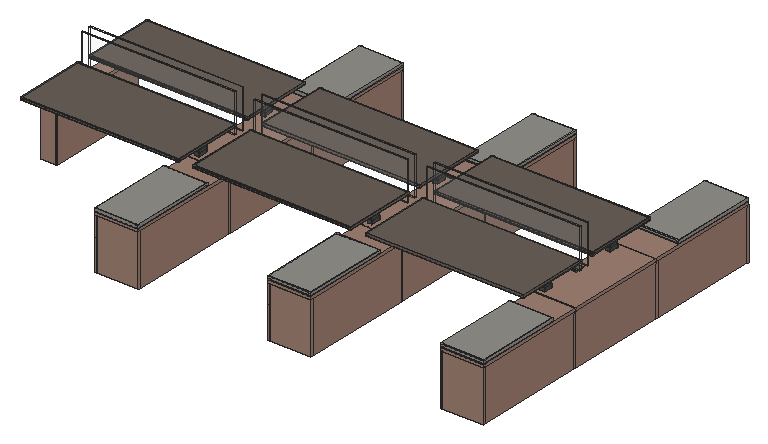
Revit family "T200199", category Furniture, Revit 2015
Parameters (values of type "T200199")
  URL = "https://ofs.com/"
  Staks Worksuface Edge Panel = OFS STAKS Frosted Glass
  Staks Wire Manager = OFS STAKS PET Wire Manager Material
  Staks Height Worksuface Venner = OFS STAKS Surface Material
  Staks Height Worksuface Edge = OFS STAKS Edge Material
  Staks Height Worksuface  3d Laminate = OFS STAKS Laminate Material
  Staks Height Workgroup top = OFS STAKS Board Material
  Staks Height Workgroup Leg Caps = OFS STAKS Leg Caps Material
  Staks Height Workgroup Column = OFS STAKS Column Material
  Staks Height Workgroup Board = OFS STAKS Board Material
  Staks Cushion = OFS STAKS Cushion Material
  Staks Cross Rail Power Block Casing = OFS STAKS Power Block Casing Material
  Staks Cross Rail Power Block = OFS STAKS Power Block Material
  Staks Cross Rail Duplex Receptacle = OFS STAKS Power Jumper Connector Material
  Staks Cross Rail Bracket = OFS STAKS Power Jumper Connector Material
  Staks Cross Rail  Metal = OFS STAKS Power Jumper Conduit Material
  Staks Cross Rai Surface l = OFS STAKS Wood Grain Laminate Material
  Staks Box File Top = OFS STAKS Board Material
  Staks Box File Leg Caps = OFS STAKS Leg Caps Material
  Staks Box File Drawer Handle = OFS STAKS Drawer Handle Metal
  Staks Box File Column = OFS STAKS Drawer Handle Metal
  Staks Box File Board = OFS STAKS Board Material
  Model = "T200199"
  Manufacturer = "OFS"
  Description = "OFS TYPICAL T200199"
  Copyright © = "©OFS 2020"
  Catalog = "https://ofs.com/2020-experience"
  Authoring Version = "Autodesk Revit Architecture 2015"
  Assembly Code = "E2020400"
Reference planes (in)
  plane 1 "Center Front/Back": y = 0
  plane 2: z = 0
  plane 3 "Center Left/Right": x = 0
Dimensions and locks (in)
  aligned and locked: level to plane 2
Nested families (in)
  nested 1: "STAKS CUSHION FOR HEIGHT ADJUSTABLE STORAGE CABINETS" at (0.0017, -50.99832, 3.125) x (0, -1, 0) z (0, 0, 1), type "STAKS CUSHION FOR HEIGHT ADJUSTABLE STORAGE CABINETS 36in"
    with Height Above Floor 21.50"
  nested 2: "STAKS CUSHION FOR HEIGHT ADJUSTABLE STORAGE CABINETS" at (0.0017, 51.00168, 3.125) x (0, -1, 0) z (0, 0, 1), type "STAKS CUSHION FOR HEIGHT ADJUSTABLE STORAGE CABINETS 36in"
    with Height Above Floor 21.50"
  nested 3: "STAKS CUSHION FOR HEIGHT ADJUSTABLE STORAGE CABINETS" at (71.99976, 51.00168, 3.125) x (0, -1, 0) z (0, 0, 1), type "STAKS CUSHION FOR HEIGHT ADJUSTABLE STORAGE CABINETS 36in"
    with Height Above Floor 21.50"
  nested 4: "STAKS CUSHION FOR HEIGHT ADJUSTABLE STORAGE CABINETS" at (71.99976, -50.99832, 3.125) x (0, -1, 0) z (0, 0, 1), type "STAKS CUSHION FOR HEIGHT ADJUSTABLE STORAGE CABINETS 36in"
    with Height Above Floor 21.50"
  nested 5: "STAKS HEIGHT ADJUSTABLE WORK GROUP PANEL BASE Dual User" at (-142.00003, 0, 0) x (0, 1, 0) z (0, 0, 1), type "STAKS HEIGHT ADJUSTABLE WORK GROUP PANEL BASE Dual User"
    with Table Height 27.75"
  nested 6: "STAKS HEIGHT ADJUSTABLE WORK GROUP CABINET Double Sided Dual User" at (-8.9531, -0.04691, 0) x (0, 1, 0) z (0, 0, 1), type "STAKS HEIGHT ADJUSTABLE WORK GROUP CABINET Double Sided Dual User"
    with Table Height 27.75"
  nested 7: "STAKS HEIGHT ADJUSTABLE WORK GROUP CABINET Dual User" at (81, -0.0469, 0) x (0, -1, 0) z (0, 0, 1), type "STAKS HEIGHT ADJUSTABLE WORK GROUP CABINET Dual User"
    with Table Height 27.75"
  nested 8: "STAKS BOX-FILE-OPEN SHELVES FLOOR STORAGE Left 42-48" at (9.0017, 40.75168, 0) x (0, -1, 0) z (0, 0, 1), type "STAKS BOX-FILE-OPEN SHELVES FLOOR STORAGE Left, 48in"
    with Table Height 27.75"
  nested 9: "STAKS BOX-FILE-OPEN SHELVES FLOOR STORAGE Left 42-48" at (81.0017, 40.75168, 0) x (0, -1, 0) z (0, 0, 1), type "STAKS BOX-FILE-OPEN SHELVES FLOOR STORAGE Left, 48in"
    with Table Height 27.75"
  nested 10: "STAKS BOX-FILE-OPEN SHELVES FLOOR STORAGE Right 42-48" at (9.00087, -49.24798, 0) x (0, -1, 0) z (0, 0, 1), type "STAKS BOX-FILE-OPEN SHELVES FLOOR STORAGE Right, 48in"
    with Table Height 27.75"
  nested 11: "STAKS BOX-FILE-OPEN SHELVES FLOOR STORAGE Right 42-48" at (80.99893, -49.24798, 0) x (0, -1, 0) z (0, 0, 1), type "STAKS BOX-FILE-OPEN SHELVES FLOOR STORAGE Right, 48in"
    with Table Height 27.75"
  nested 12: "STAKS HEIGHT ADJUSTABLE WORKSURFACE" at (-35.9983, -17.99831, 8), type "STAKS HEIGHT ADJUSTABLE WORKSURFACE 66x30"
    with PVC Edge yes, Height 21.00", 3D Laminate no
  nested 13: "STAKS HEIGHT ADJUSTABLE WORKSURFACE" at (-35.9983, 17.90449, 8) x (1, 0, 0) z (0, 0, 1), type "STAKS HEIGHT ADJUSTABLE WORKSURFACE 66x30"
    with PVC Edge yes, Height 21.00", 3D Laminate no
  nested 14: "STAKS HEIGHT ADJUSTABLE WORKSURFACE" at (36.00169, -17.99831, 8) x (-1, 0, 0) z (0, 0, 1), type "STAKS HEIGHT ADJUSTABLE WORKSURFACE 66x30"
    with PVC Edge yes, Height 21.00", 3D Laminate no
  nested 15: "STAKS HEIGHT ADJUSTABLE WORKSURFACE" at (36.0017, 17.90449, 8) x (-1, 0, 0) z (0, 0, 1), type "STAKS HEIGHT ADJUSTABLE WORKSURFACE 66x30"
    with PVC Edge yes, Height 21.00", 3D Laminate no
  nested 16: "STAKS PET WIRE MANAGER to Underside of Cross Rail" at (-35.9983, -0.14067, 1.04408), type "STAKS PET WIRE MANAGER to Underside of Cross Rail 44in"
    with Height Above Floor 20.00"
  nested 17: "STAKS PET WIRE MANAGER to Underside of Cross Rail" at (36.00169, -0.23118, 1.04408), type "STAKS PET WIRE MANAGER to Underside of Cross Rail 44in"
    with Height Above Floor 20.00"
  nested 18: "STAKS CROSS RAIL BASIC POWER Double Sided Three Circuit" at (-36.125, 0, 0.1813), type "STAKS CROSS RAIL BASIC POWER Double Sided Three Circuit 66in"
  nested 19: "STAKS CROSS RAIL BASIC POWER Double Sided Three Circuit" at (36, 0, 1.435), type "STAKS CROSS RAIL BASIC POWER Double Sided Three Circuit 66in"
  nested 20: "STAKS WORKSURFACE EDGE MODESTY FROSTED ACRYLIC" at (-19.49999, -4.37535, 16.685), type "STAKS WORKSURFACE EDGE MODESTY FROSTED ACRYLIC 64/16.5"
    with Width 64.00", Height 16.50"
  nested 21: "STAKS WORKSURFACE EDGE MODESTY FROSTED ACRYLIC" at (19.49999, -4.37535, 16.685) x (-1, 0, 0) z (0, 0, 1), type "STAKS WORKSURFACE EDGE MODESTY FROSTED ACRYLIC 64/16.5"
    with Width 64.00", Height 16.50"
  nested 22: "STAKS WORKSURFACE EDGE MODESTY FROSTED ACRYLIC" at (-19.5, 4.28153, 16.685) x (1, 0, 0) z (0, 0, 1), type "STAKS WORKSURFACE EDGE MODESTY FROSTED ACRYLIC 64/16.5"
    with Width 64.00", Height 16.50"
  nested 23: "STAKS WORKSURFACE EDGE MODESTY FROSTED ACRYLIC" at (19.49999, 4.28155, 16.685) x (-1, 0, 0) z (0, 0, 1), type "STAKS WORKSURFACE EDGE MODESTY FROSTED ACRYLIC 64/16.5"
    with Width 64.00", Height 16.50"
  nested 24: "STAKS CUSHION FOR HEIGHT ADJUSTABLE STORAGE CABINETS" at (-71.99747, -50.99832, 3.125) x (0, -1, 0) z (0, 0, 1), type "STAKS CUSHION FOR HEIGHT ADJUSTABLE STORAGE CABINETS 36in"
    with Height Above Floor 21.50"
  nested 25: "STAKS CUSHION FOR HEIGHT ADJUSTABLE STORAGE CABINETS" at (-71.99747, 51.00168, 3.125) x (0, -1, 0) z (0, 0, 1), type "STAKS CUSHION FOR HEIGHT ADJUSTABLE STORAGE CABINETS 36in"
    with Height Above Floor 21.50"
  nested 26: "STAKS HEIGHT ADJUSTABLE WORK GROUP CABINET Double Sided Dual User" at (-80.95227, -0.04691, 0) x (0, 1, 0) z (0, 0, 1), type "STAKS HEIGHT ADJUSTABLE WORK GROUP CABINET Double Sided Dual User"
    with Table Height 27.75"
  nested 27: "STAKS BOX-FILE-OPEN SHELVES FLOOR STORAGE Left 42-48" at (-62.99747, 40.75168, 0) x (0, -1, 0) z (0, 0, 1), type "STAKS BOX-FILE-OPEN SHELVES FLOOR STORAGE Left, 48in"
    with Table Height 27.75"
  nested 28: "STAKS BOX-FILE-OPEN SHELVES FLOOR STORAGE Right 42-48" at (-62.9983, -49.24798, 0) x (0, -1, 0) z (0, 0, 1), type "STAKS BOX-FILE-OPEN SHELVES FLOOR STORAGE Right, 48in"
    with Table Height 27.75"
  nested 29: "STAKS HEIGHT ADJUSTABLE WORKSURFACE" at (-107.99747, -17.99831, 8), type "STAKS HEIGHT ADJUSTABLE WORKSURFACE 66x30"
    with PVC Edge yes, Height 21.00", 3D Laminate no
  nested 30: "STAKS HEIGHT ADJUSTABLE WORKSURFACE" at (-107.99747, 17.90449, 8) x (1, 0, 0) z (0, 0, 1), type "STAKS HEIGHT ADJUSTABLE WORKSURFACE 66x30"
    with PVC Edge yes, Height 21.00", 3D Laminate no
  nested 31: "STAKS PET WIRE MANAGER to Underside of Cross Rail" at (-107.99747, -0.14067, 1.04408), type "STAKS PET WIRE MANAGER to Underside of Cross Rail 44in"
    with Height Above Floor 20.00"
  nested 32: "STAKS CROSS RAIL BASIC POWER Double Sided Three Circuit" at (-108.12417, 0, 0.1813), type "STAKS CROSS RAIL BASIC POWER Double Sided Three Circuit 66in"
  nested 33: "STAKS WORKSURFACE EDGE MODESTY FROSTED ACRYLIC" at (-91.49917, -4.37535, 16.685), type "STAKS WORKSURFACE EDGE MODESTY FROSTED ACRYLIC 64/16.5"
    with Width 64.00", Height 16.50"
  nested 34: "STAKS WORKSURFACE EDGE MODESTY FROSTED ACRYLIC" at (-91.49917, 4.28153, 16.685) x (1, 0, 0) z (0, 0, 1), type "STAKS WORKSURFACE EDGE MODESTY FROSTED ACRYLIC 64/16.5"
    with Width 64.00", Height 16.50"
Definition of nested family "STAKS CUSHION FOR HEIGHT ADJUSTABLE STORAGE CABINETS"
  Parameters (values of type "STAKS CUSHION FOR HEIGHT ADJUSTABLE STORAGE CABINETS 30in")
    Width = 30.00"
    Cushion Material = none
    URL = "http://www.ofs.com/"
    Height Above Floor [instance] = 21.50"
    Height = 1.50"
    Model = "6-3018SC"
    Manufacturer = "OFS"
    Description = "OFS STAKS CUSHION FOR HEIGHT ADJUSTABLE STORAGE CABINETS 30\" Width, Must be Field Installed"
    Depth = 18.00"
    Copyright © = "© 2018 OFS"
    Catalog = "https://ofs.com/products/open-plan/benching/staks"
    Authoring Version = "Autodesk Revit Architecture 2013"
    Assembly Code = "E2020200"
  Types (5): name | Width | Model | Description
    (no name) | 30.00" | "6-3018SC" | "OFS STAKS CUSHION FOR HEIGHT ADJUSTABLE STORAGE CABINETS 30\" Width, Must be Field Installed"
    STAKS CUSHION FOR HEIGHT ADJUSTABLE STORAGE CABINETS 30in | 30.00" | "6-3018SC" | "OFS STAKS CUSHION FOR HEIGHT ADJUSTABLE STORAGE CABINETS 30\" Width, Must be Field Installed"
    STAKS CUSHION FOR HEIGHT ADJUSTABLE STORAGE CABINETS 36in | 36.00" | "6-3618SC" | "OFS STAKS CUSHION FOR HEIGHT ADJUSTABLE STORAGE CABINETS 36\" Width, Must be Field Installed"
    STAKS CUSHION FOR HEIGHT ADJUSTABLE STORAGE CABINETS 42in | 42.00" | "6-4218SC" | "OFS STAKS CUSHION FOR HEIGHT ADJUSTABLE STORAGE CABINETS 42\" Width, Must be Field Installed"
    STAKS CUSHION FOR HEIGHT ADJUSTABLE STORAGE CABINETS 48in | 48.00" | "6-4818SC" | "OFS STAKS CUSHION FOR HEIGHT ADJUSTABLE STORAGE CABINETS 48\" Width, Must be Field Installed"
  Reference planes (in)
    plane 1 "Center (Front/Back)": y = 0
    plane 2: z = 0
    plane 3 "Center (Left/Right)": x = 0
    plane 4: x = 15
    plane 5: x = -15
    plane 6: y = 9
    plane 7: y = -9
    plane 8: z = 20
    plane 9: z = 21.5
  Forms (in)
    Extrusion 1, solid, material <- "Cushion Material"
      sketch origin (3.56329, 81.33771, 3.5) x (-1, 0, 0) y (0, -1, 0)
        loop
          line (18.43829, 72.46271) -> (18.43829, 90.21271) -> (-11.31171, 90.21271) -> (-11.31171, 72.46271) -> (18.43829, 72.46271)
      from 18 to 16.5
    Sweep 2, solid, material <- "Cushion Material"
      path in 3D
        loop
          line (14.875, 8.875, 21.5) -> (-14.875, 8.875, 21.5) -> (-14.875, -8.875, 21.5) -> (14.875, -8.875, 21.5) -> (14.875, 8.875, 21.5)
      profile origin (14.875, 0, 21.5) x (-1, 0, 0) y (0, 0, 1)
        loop
          arc (0, 0) -> (-0.08839, -0.03661) -> (-0.125, -0.125) r 0.125
          line (-0.125, -0.125) -> (-0.125, -1.375)
          arc (-0.125, -1.375) -> (-0.08839, -1.46339) -> (0, -1.5) r 0.125
          line (0, -1.5) -> (0, 0)
  Cuts and joins
    joined: Extrusion 1, Sweep 2
  Lines and regions (in)
    sketch lines
      curve 1: line (14.875, -8.875, 21.5) -> (14.875, 8.875, 21.5)
      curve 2: line (14.875, 8.875, 21.5) -> (-14.875, 8.875, 21.5)
      curve 3: line (-14.875, 8.875, 21.5) -> (-14.875, -8.875, 21.5)
      curve 4: line (-14.875, -8.875, 21.5) -> (14.875, -8.875, 21.5)
  Dimensions and locks (in)
    equal spacing: plane 5, plane 3 "Center (Left/Right)", plane 4
    "Width": plane 5 to plane 4
    "Depth": plane 6 to plane 7
    equal spacing: plane 7, plane 1 "Center (Front/Back)", plane 6
    "Height": plane 9 to plane 8
    "Height Above Floor": plane 9 to level
    aligned and locked: level to plane 2
    aligned and locked: plane 9 to Extrusion 1
    aligned and locked: Extrusion 1 to plane 8
  Automatic sketch dimensions
    Extrusion 1 sketch curve to plane 4 = 0.125"
    Extrusion 1 sketch curve to plane 6 = 0.125"
    Extrusion 1 sketch curve to plane 5 = 0.125"
    Extrusion 1 sketch curve to plane 7 = 0.125"
    Sweep 2 sketch curve to profile plane = 0.00"  (x2)
    Sweep 2 sketch curve to Sweep 2 sketch curve = 0.125"
    Sweep 2 sketch curve to Sweep 2 sketch curve = 1.375"
Definition of nested family "STAKS HEIGHT ADJUSTABLE WORK GROUP PANEL BASE Dual User"
  Parameters (values of type "STAKS HEIGHT ADJUSTABLE WORK GROUP PANEL BASE Dual User")
    Width = 42.00"
    URL = "http://ofs.com"
    Top Material = none
    Top Board Back Offset = 0.00"
    Table Height [instance] = 27.75"
    Depth = 7.00"
    Column Plate Thickness = 2.00"
    Column Material = none
    Box Width = 7.00"
    Board Thick Top = 1.125"
    Board Thick Door = 0.75"
    Board Material = none
    Model = "6-4207HAWC1"
    Manufacturer = "OFS"
    Leg Caps Material = none
    Leg Offset = 2.00"
    Board Thick Internal = 0.75"
    Height = 23.00"
    Description = "OFS STAKS HEIGHT ADJUSTABLE WORK GROUP PANEL BASE Dual User"
    Copyright © = "© OFS 2018"
    Catalog = "https://ofs.com/products/open-plan/benching/staks"
    Bottom Board Offset = 0.50"
    Board Thick Bot = 1.00"
    Board Thick Sides = 0.75"
    Board Thick Front = 0.75"
    Board Thick Back = 0.75"
    Authoring Version = "Autodesk Revit Architecture 2013"
    Assembly Code = "E2020200"
  Reference planes (in)
    plane 1 "Center Front/Back": y = 0
    plane 2: z = 0
    plane 3 "Center Left/Right": x = 0
    plane 4 "Left End": x = -21
    plane 5 "Front End": y = -6.25
    plane 6 "Right End": x = 21
    plane 7 "Back End": y = 0
    plane 8 "Height Top": z = 23
    plane 9: x = -20.25
    plane 10: x = 20.25
    plane 11: z = 21.875
    plane 12: z = 0.5
    plane 13: z = 1.5
    plane 14: y = -5.5
    plane 15: x = 19
    plane 16: x = -19
    plane 17: y = -7
    plane 18: y = -0.75
    plane 19: y = 0
    plane 20: x = -4.25
    plane 21: x = -3.5
    plane 22: x = 4.25
    plane 23: x = 3.5
    plane 24: z = 27.75
    plane 25: z = 25.75
    plane 26: z = 24.375
    plane 27: z = 26.75
  Forms (in)
    Extrusion 1, solid, material <- "Board Material"
      sketch origin (0, 0, 0) x (1, 0, 0) y (0, 1, 0)
        loop
          line (-21, 0) -> (-21, -6.25) -> (-20.25, -6.25) -> (-20.25, 0) -> (-21, 0)
      from 0.5 to 21.875
    Extrusion 2, solid, material <- "Board Material"
      sketch origin (0, 0, 0) x (-1, 0, 0) y (0, -1, 0)
        loop
          line (-21, 0) -> (-20.25, 0) -> (-20.25, 6.25) -> (-21, 6.25) -> (-21, 0)
      from 0.5 to 21.875
    Extrusion 3, solid, material <- "Board Material"
      sketch origin (0, 0, 0) x (1, 0, 0) y (0, 1, 0)
        loop
          line (-20.25, -0.75) -> (-20.25, -6.25) -> (20.25, -6.25) -> (20.25, -0.75) -> (-20.25, -0.75)
      from 0.5 to 1.5
    Extrusion 4, solid, material <- "Top Material"
      sketch origin (0, 0, 0) x (1, 0, 0) y (0, 1, 0)
        loop
          line (-21, 0) -> (-21, -7) -> (21, -7) -> (21, 0) -> (-21, 0)
      from 21.875 to 23
    Extrusion 5, solid, material <- "Board Material"
      sketch origin (0, 0, 0) x (1, 0, 0) y (0, 1, 0)
        loop
          line (-4.25, -0.75) -> (-4.25, -6.25) -> (-3.5, -6.25) -> (-3.5, -0.75) -> (-4.25, -0.75)
      from 1.5 to 21.875
    Extrusion 6, solid, material <- "Board Material"
      sketch origin (0, 27.875, 0) x (1, 0, 0) y (0, 1, 0)
        loop
          line (-20.25, -27.875) -> (-20.25, -28.625) -> (20.25, -28.625) -> (20.25, -27.875) -> (-20.25, -27.875)
      from 0.5 to 21.875
    Extrusion 7, solid, material <- "Board Material"
      sketch origin (0, 0, 0) x (1, 0, 0) y (0, 1, 0)
        loop
          line (21, -6.25) -> (-21, -6.25) -> (-21, -7) -> (21, -7) -> (21, -6.25)
      from 0.5 to 21.875
    Extrusion 8, solid, material <- "Board Material"
      sketch origin (0, 0, 0) x (-1, 0, 0) y (0, -1, 0)
        loop
          line (-4.25, 0.75) -> (-3.5, 0.75) -> (-3.5, 6.25) -> (-4.25, 6.25) -> (-4.25, 0.75)
      from 1.5 to 21.875
    Extrusion 9, void
      sketch origin (0, 0, 0) x (1, 0, 0) y (0, 0, 1)
        loop
          line (3.5, 21.875) -> (-3.5, 21.875)
          arc (-3.5, 21.875) -> (0, 20.04736) -> (3.5, 21.875) r 4.26514
      from 0 to 7
    Extrusion 10, solid, material <- "Column Material"
      sketch origin (7.27539, 70.81173, 0) x (-1, 0, 0) y (0, -1, 0)
        loop
          arc (26.15039, 74.31173) -> (26.23878, 74.34834) -> (26.27539, 74.43673) r 0.125
          line (26.27539, 74.43673) -> (26.27539, 76.18673)
          arc (26.27539, 76.18673) -> (26.23878, 76.27512) -> (26.15039, 76.31173) r 0.125
          line (26.15039, 76.31173) -> (22.65039, 76.31173)
          arc (22.65039, 76.31173) -> (22.562, 76.27512) -> (22.52539, 76.18673) r 0.125
          line (22.52539, 76.18673) -> (22.52539, 74.43673)
          arc (22.52539, 74.43673) -> (22.562, 74.34834) -> (22.65039, 74.31173) r 0.125
          line (22.65039, 74.31173) -> (26.15039, 74.31173)
      from 23 to 24.375
    Extrusion 11, solid, material <- "Column Material"
      sketch origin (7.27539, 70.81173, 0) x (-1, 0, 0) y (0, -1, 0)
        loop
          line (22.71289, 74.43673) -> (26.08789, 74.43673)
          arc (26.08789, 74.43673) -> (26.13208, 74.45504) -> (26.15039, 74.49923) r 0.0625
          line (26.15039, 74.49923) -> (26.15039, 76.12423)
          arc (26.15039, 76.12423) -> (26.13208, 76.16843) -> (26.08789, 76.18673) r 0.0625
          line (26.08789, 76.18673) -> (22.71289, 76.18673)
          arc (22.71289, 76.18673) -> (22.66869, 76.16843) -> (22.65039, 76.12423) r 0.0625
          line (22.65039, 76.12423) -> (22.65039, 74.49923)
          arc (22.65039, 74.49923) -> (22.66869, 74.45504) -> (22.71289, 74.43673) r 0.0625
      from 24.375 to 25.75
    Revolve 12, solid, material <- "Leg Caps Material"
      sketch origin (7.02629, -3.5, 0) x (1, 0, 0) y (0, 0, 1)
        loop
          line (-26.02629, 0.5) -> (-26.02629, 0.25) -> (-26.08831, 0.25)
          arc (-26.08831, 0.25) -> (-26.17668, 0.2134) -> (-26.21329, 0.12502) r 0.12498
          line (-26.21329, 0.12502) -> (-26.21329, 0) -> (-25.83829, 0) -> (-25.83829, 0.5) -> (-26.02629, 0.5)
        axis (-25.83829, 0) -> (-25.83829, 0.5)
      angle from 0 to 360
    Revolve 13, solid, material <- "Leg Caps Material"
      sketch origin (-7.02629, -3.5, 0) x (-1, 0, 0) y (0, 0, -1)
        loop
          line (-26.02629, -0.5) -> (-25.83829, -0.5) -> (-25.83829, 0) -> (-26.21329, 0) -> (-26.21329, -0.12502)
          arc (-26.21329, -0.12502) -> (-26.17668, -0.2134) -> (-26.08831, -0.25) r 0.12498
          line (-26.08831, -0.25) -> (-26.02629, -0.25) -> (-26.02629, -0.5)
        axis (-25.83829, 0) -> (-25.83829, -0.5)
      angle from 0 to 360
    Extrusion 14, solid, material <- "Column Material"
      sketch origin (-7.27539, 70.81173, 0) x (1, 0, 0) y (0, 1, 0)
        loop
          line (26.15039, -74.31173) -> (22.65039, -74.31173)
          arc (22.65039, -74.31173) -> (22.562, -74.34834) -> (22.52539, -74.43673) r 0.125
          line (22.52539, -74.43673) -> (22.52539, -76.18673)
          arc (22.52539, -76.18673) -> (22.562, -76.27512) -> (22.65039, -76.31173) r 0.125
          line (22.65039, -76.31173) -> (26.15039, -76.31173)
          arc (26.15039, -76.31173) -> (26.23878, -76.27512) -> (26.27539, -76.18673) r 0.125
          line (26.27539, -76.18673) -> (26.27539, -74.43673)
          arc (26.27539, -74.43673) -> (26.23878, -74.34834) -> (26.15039, -74.31173) r 0.125
      from 23 to 24.375
    Extrusion 15, solid, material <- "Column Material"
      sketch origin (-7.27539, 70.81173, 0) x (1, 0, 0) y (0, 1, 0)
        loop
          arc (22.71289, -74.43673) -> (22.66869, -74.45504) -> (22.65039, -74.49923) r 0.0625
          line (22.65039, -74.49923) -> (22.65039, -76.12423)
          arc (22.65039, -76.12423) -> (22.66869, -76.16843) -> (22.71289, -76.18673) r 0.0625
          line (22.71289, -76.18673) -> (26.08789, -76.18673)
          arc (26.08789, -76.18673) -> (26.13208, -76.16843) -> (26.15039, -76.12423) r 0.0625
          line (26.15039, -76.12423) -> (26.15039, -74.49923)
          arc (26.15039, -74.49923) -> (26.13208, -74.45504) -> (26.08789, -74.43673) r 0.0625
          line (26.08789, -74.43673) -> (22.71289, -74.43673)
      from 24.375 to 25.75
    Extrusion 16, solid, material <- "Column Material"
      sketch origin (0, 0, 0) x (1, 0, 0) y (0, 1, 0)
        loop
          line (-15.25, -3.375) -> (-19, -3.375)
          arc (-19, -3.375) -> (-19.08839, -3.41161) -> (-19.125, -3.5) r 0.125
          line (-19.125, -3.5) -> (-19.125, -10.25)
          arc (-19.125, -10.25) -> (-19.08839, -10.33839) -> (-19, -10.375) r 0.125
          line (-19, -10.375) -> (-15.25, -10.375)
          arc (-15.25, -10.375) -> (-15.16161, -10.33839) -> (-15.125, -10.25) r 0.125
          line (-15.125, -10.25) -> (-15.125, -3.5)
          arc (-15.125, -3.5) -> (-15.16161, -3.41161) -> (-15.25, -3.375) r 0.125
      from 26.75 to 27.75
    Blend 17, solid, material <- "Column Material"
      base sketch origin (0, 0, 0) x (1, 0, 0) y (0, 1, 0)
        loop
          line (-15.375, -9) -> (-15.375, -3.75)
          arc (-15.375, -3.75) -> (-15.41161, -3.66161) -> (-15.5, -3.625) r 0.125
          line (-15.5, -3.625) -> (-18.75, -3.625)
          arc (-18.75, -3.625) -> (-18.83839, -3.66161) -> (-18.875, -3.75) r 0.125
          line (-18.875, -3.75) -> (-18.875, -9)
          arc (-18.875, -9) -> (-18.83839, -9.08839) -> (-18.75, -9.125) r 0.125
          line (-18.75, -9.125) -> (-15.5, -9.125)
          arc (-15.5, -9.125) -> (-15.41161, -9.08839) -> (-15.375, -9) r 0.125
      top sketch origin (0, 0, 0) x (1, 0, 0) y (0, 1, 0)
        loop
          line (-15.125, -10.25) -> (-15.125, -3.5)
          arc (-15.125, -3.5) -> (-15.16161, -3.41161) -> (-15.25, -3.375) r 0.125
          line (-15.25, -3.375) -> (-19, -3.375)
          arc (-19, -3.375) -> (-19.08839, -3.41161) -> (-19.125, -3.5) r 0.125
          line (-19.125, -3.5) -> (-19.125, -10.25)
          arc (-19.125, -10.25) -> (-19.08839, -10.33839) -> (-19, -10.375) r 0.125
          line (-19, -10.375) -> (-15.25, -10.375)
          arc (-15.25, -10.375) -> (-15.16161, -10.33839) -> (-15.125, -10.25) r 0.125
      from 25.75 to 26.75
    Extrusion 18, solid, material <- "Column Material"
      sketch origin (0, 0, 0) x (-1, 0, 0) y (0, -1, 0)
        loop
          arc (-15.25, 3.375) -> (-15.16161, 3.41161) -> (-15.125, 3.5) r 0.125
          line (-15.125, 3.5) -> (-15.125, 10.25)
          arc (-15.125, 10.25) -> (-15.16161, 10.33839) -> (-15.25, 10.375) r 0.125
          line (-15.25, 10.375) -> (-19, 10.375)
          arc (-19, 10.375) -> (-19.08839, 10.33839) -> (-19.125, 10.25) r 0.125
          line (-19.125, 10.25) -> (-19.125, 3.5)
          arc (-19.125, 3.5) -> (-19.08839, 3.41161) -> (-19, 3.375) r 0.125
          line (-19, 3.375) -> (-15.25, 3.375)
      from 26.75 to 27.75
    Blend 19, solid, material <- "Column Material"
      base sketch origin (0, 0, 0) x (-1, 0, 0) y (0, -1, 0)
        loop
          arc (-15.375, 9) -> (-15.41161, 9.08839) -> (-15.5, 9.125) r 0.125
          line (-15.5, 9.125) -> (-18.75, 9.125)
          arc (-18.75, 9.125) -> (-18.83839, 9.08839) -> (-18.875, 9) r 0.125
          line (-18.875, 9) -> (-18.875, 3.75)
          arc (-18.875, 3.75) -> (-18.83839, 3.66161) -> (-18.75, 3.625) r 0.125
          line (-18.75, 3.625) -> (-15.5, 3.625)
          arc (-15.5, 3.625) -> (-15.41161, 3.66161) -> (-15.375, 3.75) r 0.125
          line (-15.375, 3.75) -> (-15.375, 9)
      top sketch origin (0, 0, 0) x (-1, 0, 0) y (0, -1, 0)
        loop
          arc (-15.125, 10.25) -> (-15.16161, 10.33839) -> (-15.25, 10.375) r 0.125
          line (-15.25, 10.375) -> (-19, 10.375)
          arc (-19, 10.375) -> (-19.08839, 10.33839) -> (-19.125, 10.25) r 0.125
          line (-19.125, 10.25) -> (-19.125, 3.5)
          arc (-19.125, 3.5) -> (-19.08839, 3.41161) -> (-19, 3.375) r 0.125
          line (-19, 3.375) -> (-15.25, 3.375)
          arc (-15.25, 3.375) -> (-15.16161, 3.41161) -> (-15.125, 3.5) r 0.125
          line (-15.125, 3.5) -> (-15.125, 10.25)
      from 25.75 to 26.75
  Cuts and joins
    Extrusion 9 cuts Extrusion 7
  Dimensions and locks (in)
    equal spacing: plane 4 "Left End", plane 3 "Center Left/Right", plane 6 "Right End"
    "Width": plane 4 "Left End" to plane 6 "Right End"
    "Height": plane 8 "Height Top" to level
    "Board Thick Sides": plane 4 "Left End" to plane 9
    "Board Thick Sides": plane 10 to plane 6 "Right End"
    "Board Thick Top": plane 8 "Height Top" to plane 11
    "Board Thick Bot": plane 13 to plane 12
    "Bottom Board Offset": plane 12 to level
    "Board Thick Front": plane 14 to plane 5 "Front End"
    "Leg Offset": plane 15 to plane 6 "Right End"
    "Leg Offset": plane 4 "Left End" to plane 16
    "Board Thick Door": plane 17 to plane 5 "Front End"
    "Board Thick Back": plane 18 to plane 1 "Center Front/Back"
    "Depth": plane 17 to plane 1 "Center Front/Back"
    "Top Board Back Offset": plane 19 to plane 7 "Back End"
    equal spacing: plane 21, plane 3 "Center Left/Right", plane 23
    "Box Width": plane 21 to plane 23
    "Board Thick Internal": plane 23 to plane 22
    "Board Thick Internal": plane 20 to plane 21
    "Table Height": plane 24 to level
    "Column Plate Thickness": plane 24 to plane 25
    equal spacing: plane 25, plane 26, plane 8 "Height Top"
    equal spacing: plane 24, plane 27, plane 25
    aligned and locked: level to plane 2
    aligned and locked: plane 4 "Left End" to Extrusion 1 sketch curve
    aligned and locked: Extrusion 1 sketch curve to plane 9
    aligned and locked: plane 10 to Extrusion 2
    aligned and locked: Extrusion 2 to plane 6 "Right End"
    aligned and locked: plane 12 to Extrusion 2
    aligned and locked: plane 10 to Extrusion 3 sketch curve
    aligned and locked: plane 9 to Extrusion 3 sketch curve
    aligned and locked: Extrusion 6 to plane 12
    aligned and locked: Extrusion 3 to plane 13
    aligned and locked: Extrusion 3 to plane 12
    aligned and locked: Extrusion 6 to plane 11
    aligned and locked: Extrusion 2 to plane 11
    aligned and locked: Extrusion 4 to plane 17
    aligned and locked: Extrusion 4 to plane 6 "Right End"
    aligned and locked: Extrusion 4 to plane 4 "Left End"
    aligned and locked: plane 8 "Height Top" to Extrusion 4
    aligned and locked: Extrusion 4 to plane 11
    aligned and locked: Extrusion 7 to plane 11
    aligned and locked: Extrusion 6 to plane 18
    aligned and locked: Extrusion 6 to plane 1 "Center Front/Back"
    aligned and locked: Extrusion 4 to plane 19
    aligned and locked: Extrusion 3 to plane 18
    aligned and locked: plane 11 to Extrusion 8
    aligned and locked: Extrusion 8 to plane 13
    aligned and locked: Extrusion 4 to Extrusion 9
    aligned and locked: Extrusion 6 to Extrusion 9
    aligned and locked: Extrusion 9 to Extrusion 2
    aligned and locked: plane 23 to Extrusion 8
    aligned and locked: Extrusion 8 to plane 22
    aligned and locked: Extrusion 5 to plane 20
    aligned and locked: cut or joined group of Extrusion 7, Extrusion 9 to plane 12
    aligned and locked: plane 25 to Extrusion 11
    aligned and locked: plane 26 to Extrusion 10
    aligned and locked: Extrusion 11 to plane 26
    aligned and locked: plane 11 to Extrusion 1
    aligned and locked: plane 11 to Extrusion 5
    aligned and locked: Extrusion 1 to plane 5 "Front End"
    aligned and locked: Extrusion 2 to plane 5 "Front End"
    aligned and locked: cut or joined group of Extrusion 7, Extrusion 9 to plane 4 "Left End"
    aligned and locked: cut or joined group of Extrusion 7, Extrusion 9 to plane 6 "Right End"
    aligned and locked: Extrusion 1 to plane 12
    aligned and locked: plane 16 to Revolve 12
    aligned and locked: plane 15 to Revolve 13
    aligned and locked: Extrusion 2 to plane 19
    aligned and locked: Extrusion 6 to plane 10
    aligned and locked: Extrusion 6 to plane 9
    aligned and locked: Extrusion 1 to plane 19
    aligned and locked: Extrusion 5 to plane 13
    aligned and locked: Extrusion 10 to plane 8 "Height Top"
    aligned and locked: Extrusion 14 to plane 8 "Height Top"
    aligned and locked: Extrusion 15 to plane 25
    aligned and locked: Extrusion 14 to plane 26
    aligned and locked: plane 26 to Extrusion 15
    aligned and locked: plane 24 to Extrusion 16
    aligned and locked: Extrusion 16 to plane 27
    aligned and locked: Blend 17 to plane 25
    aligned and locked: plane 27 to Blend 17
    aligned and locked: Extrusion 18 to plane 24
    aligned and locked: Blend 19 to plane 27
    aligned and locked: plane 27 to Extrusion 18
    aligned and locked: plane 25 to Blend 19
  Automatic sketch dimensions
    Extrusion 1 sketch curve to plane 5 "Front End" = 0.00"
    plane 1 "Center Front/Back" to Extrusion 1 sketch curve = 0.00"
    Extrusion 2 sketch curve to plane 5 "Front End" = 0.00"
    Extrusion 2 sketch curve to plane 6 "Right End" = 0.00"
    Extrusion 2 sketch curve to plane 10 = 0.00"
    plane 1 "Center Front/Back" to Extrusion 2 sketch curve = 0.00"
    Extrusion 3 sketch curve to plane 5 "Front End" = 0.00"
    Extrusion 3 sketch curve to plane 18 = 0.00"
    Extrusion 4 sketch curve to plane 4 "Left End" = 0.00"
    Extrusion 4 sketch curve to plane 6 "Right End" = 0.00"
    Extrusion 4 sketch curve to plane 17 = 0.00"
    plane 1 "Center Front/Back" to Extrusion 4 sketch curve = 0.00"
    Extrusion 5 sketch curve to plane 5 "Front End" = 0.00"
    Extrusion 5 sketch curve to plane 20 = 0.00"
    Extrusion 5 sketch curve to plane 21 = 0.00"
    Extrusion 5 sketch curve to plane 18 = 0.00"
    Extrusion 6 sketch curve to plane 9 = 0.00"
    Extrusion 6 sketch curve to plane 10 = 0.00"
    Extrusion 6 sketch curve to plane 18 = 0.00"
    plane 1 "Center Front/Back" to Extrusion 6 sketch curve = 0.00"
    Extrusion 7 sketch curve to plane 4 "Left End" = 0.00"
    Extrusion 7 sketch curve to plane 6 "Right End" = 0.00"
    plane 17 to Extrusion 7 sketch curve = 0.00"
    Extrusion 7 sketch curve to plane 5 "Front End" = 0.00"
    Extrusion 8 sketch curve to plane 5 "Front End" = 0.00"
    Extrusion 8 sketch curve to plane 22 = 0.00"
    Extrusion 8 sketch curve to plane 23 = 0.00"
    Extrusion 8 sketch curve to plane 18 = 0.00"
    Extrusion 9 sketch curve to plane 11 = 0.00"
    Extrusion 9 sketch curve to plane 21 = 0.00"
    plane 23 to Extrusion 9 sketch curve = 0.00"
    plane 8 "Height Top" to Extrusion 9 sketch curve = 1.3125"
    Extrusion 10 sketch curve to plane 14 = 0.00"
    Extrusion 10 sketch curve to plane 16 = 0.00"
    Extrusion 10 sketch curve to plane 14 = 2.00"
    Extrusion 10 sketch curve to plane 16 = 0.125"  (x2)
    Extrusion 10 sketch curve to Extrusion 10 sketch curve = 3.50"
    Extrusion 10 sketch curve to Extrusion 10 sketch curve = 0.00"
    Extrusion 10 sketch curve to Extrusion 10 sketch curve = 0.125"
    Extrusion 11 sketch curve to plane 14 = 0.1875"
    Extrusion 11 sketch curve to plane 16 = 3.625"
    Extrusion 11 sketch curve to plane 16 = 0.1875"  (x2)
    Extrusion 11 sketch curve to plane 14 = 1.875"
    Extrusion 11 sketch curve to Extrusion 11 sketch curve = 0.0625"  (x3)
    Revolve 12 sketch curve to level = 0.00"
    plane 16 to Revolve 12 sketch curve = 0.00"
    Revolve 12 sketch curve to plane 12 = 0.00"  (x2)
    level to Revolve 12 sketch curve = 0.12502"
    Revolve 12 sketch curve to Revolve 12 sketch curve = 0.06202"
    Revolve 12 sketch curve to Revolve 12 sketch curve = 0.12498"
    Revolve 12 sketch curve to plane 16 = 0.188"  (x2)
    plane 12 to Revolve 12 sketch curve = 0.25"
    Revolve 13 sketch curve to level = 0.00"
    plane 15 to Revolve 13 sketch curve = 0.00"
    Revolve 13 sketch curve to plane 12 = 0.00"  (x2)
    level to Revolve 13 sketch curve = 0.25"
    Revolve 13 sketch curve to Revolve 13 sketch curve = 0.06202"
    Revolve 13 sketch curve to Revolve 13 sketch curve = 0.12498"
    plane 15 to Revolve 13 sketch curve = 0.188"  (x2)
    plane 12 to Revolve 13 sketch curve = 0.25"
    plane 14 to Extrusion 14 sketch curve = 0.00"
    Extrusion 14 sketch curve to plane 15 = 0.00"
    Extrusion 14 sketch curve to plane 14 = 0.125"  (x2)
    plane 15 to Extrusion 14 sketch curve = 0.125"
    Extrusion 14 sketch curve to Extrusion 14 sketch curve = 3.50"
    Extrusion 14 sketch curve to Extrusion 14 sketch curve = 0.00"
    Extrusion 14 sketch curve to Extrusion 14 sketch curve = 1.75"
    Extrusion 15 sketch curve to plane 14 = 0.1875"
    plane 15 to Extrusion 15 sketch curve = 3.625"
    Extrusion 15 sketch curve to plane 14 = 0.125"
    Extrusion 15 sketch curve to Extrusion 15 sketch curve = 0.0625"  (x2)
    plane 15 to Extrusion 15 sketch curve = 0.1875"  (x2)
    Extrusion 15 sketch curve to Extrusion 15 sketch curve = 1.625"
    Extrusion 16 sketch curve to plane 16 = 0.00"  (x2)
    plane 17 to Extrusion 16 sketch curve = 3.375"
    Extrusion 16 sketch curve to Extrusion 16 sketch curve = 0.125"  (x2)
    Extrusion 16 sketch curve to plane 14 = 2.125"
    Extrusion 16 sketch curve to Extrusion 16 sketch curve = 3.75"
    Extrusion 16 sketch curve to plane 16 = 3.75"
    Blend 17 sketch curve to plane 16 = 0.125"
    plane 17 to Blend 17 sketch curve = 2.125"
    Blend 17 sketch curve to Blend 17 sketch curve = 0.125"  (x4)
    Blend 17 sketch curve to Blend 17 sketch curve = 3.25"
    Blend 17 sketch curve to Blend 17 sketch curve = 0.00"
    Blend 17 sketch curve to plane 14 = 1.75"
    Blend 17 sketch curve to plane 16 = 0.00"  (x2)
    plane 17 to Blend 17 sketch curve = 3.375"
    plane 16 to Blend 17 sketch curve = 0.125"
    Blend 17 sketch curve to Blend 17 sketch curve = 3.75"
    Blend 17 sketch curve to plane 16 = 3.75"
    Blend 17 sketch curve to plane 14 = 2.00"
    Extrusion 18 sketch curve to plane 15 = 0.00"  (x2)
    Extrusion 18 sketch curve to plane 17 = 3.375"
    Extrusion 18 sketch curve to Extrusion 18 sketch curve = 0.125"  (x2)
    plane 14 to Extrusion 18 sketch curve = 2.125"
    Extrusion 18 sketch curve to plane 15 = 3.75"  (x2)
    Blend 19 sketch curve to plane 15 = 0.125"
    Blend 19 sketch curve to plane 17 = 2.125"
    Blend 19 sketch curve to Blend 19 sketch curve = 0.125"  (x5)
    Blend 19 sketch curve to Blend 19 sketch curve = 3.25"
    Blend 19 sketch curve to Blend 19 sketch curve = 0.00"
    plane 14 to Blend 19 sketch curve = 1.75"
    Blend 19 sketch curve to plane 15 = 0.00"  (x2)
    Blend 19 sketch curve to plane 17 = 3.375"
    Blend 19 sketch curve to plane 15 = 3.75"  (x2)
    plane 14 to Blend 19 sketch curve = 2.00"
Definition of nested family "STAKS HEIGHT ADJUSTABLE WORK GROUP CABINET Double Sided Dual User"
  Parameters (values of type "STAKS HEIGHT ADJUSTABLE WORK GROUP CABINET Double Sided Dual User")
    Width = 42.00"
    URL = "http://ofs.com"
    Top Material = none
    Top Board Back Offset = 0.00"
    Table Height [instance] = 27.75"
    Depth = 18.00"
    Column Plate Thickness = 2.00"
    Column Material = none
    Box Width = 7.00"
    Board Thick Top = 1.125"
    Board Thick Door = 0.75"
    Board Material = none
    Model = "6-4218HAWC2"
    Manufacturer = "OFS"
    Leg Caps Material = none
    Leg Offset = 2.00"
    Board Thick Internal = 0.75"
    Height = 23.00"
    Description = "OFS STAKS HEIGHT ADJUSTABLE CABINET Double Sided Dual User (Four Lifting Columns)"
    Copyright © = "© OFS \"018"
    Catalog = "https://ofs.com/products/open-plan/benching/staks"
    Bottom Board Offset = 0.50"
    Board Thick Bot = 1.00"
    Board Thick Sides = 0.75"
    Board Thick Front = 0.75"
    Board Thick Back = 0.75"
    Authoring Version = "Autodesk Revit Architecture 2013"
    Assembly Code = "E2020200"
  Reference planes (in)
    plane 1 "Center Front/Back": y = 0
    plane 2: z = 0
    plane 3 "Center Left/Right": x = 0
    plane 4 "Left End": x = -21
    plane 5 "Front End": y = -17.25
    plane 6 "Right End": x = 21
    plane 7 "Back End": y = 0
    plane 8 "Height Top": z = 23
    plane 9: x = -20.25
    plane 10: x = 20.25
    plane 11: z = 21.875
    plane 12: z = 0.5
    plane 13: z = 1.5
    plane 14: y = -16.5
    plane 15: x = 19
    plane 16: x = -19
    plane 17: y = -18
    plane 18: y = -0.75
    plane 19: y = 0
    plane 20: x = -4.25
    plane 21: x = -3.5
    plane 22: x = 4.25
    plane 23: x = 3.5
    plane 24: z = 27.75
    plane 25: z = 25.75
    plane 26: z = 24.375
    plane 27: z = 26.75
  Forms (in)
    Extrusion 1, solid, material <- "Board Material"
      sketch origin (0, 0, 0) x (1, 0, 0) y (0, 1, 0)
        loop
          line (-21, -0.75) -> (-21, -17.25) -> (-20.25, -17.25) -> (-20.25, -0.75) -> (-21, -0.75)
      from 0.5 to 21.875
    Extrusion 2, solid, material <- "Board Material"
      sketch origin (0, 0, 0) x (-1, 0, 0) y (0, -1, 0)
        loop
          line (-21, 0.75) -> (-20.25, 0.75) -> (-20.25, 17.25) -> (-21, 17.25) -> (-21, 0.75)
      from 0.5 to 21.875
    Extrusion 3, solid, material <- "Board Material"
      sketch origin (0, 0, 0) x (1, 0, 0) y (0, 1, 0)
        loop
          line (-20.25, -0.75) -> (-20.25, -17.25) -> (20.25, -17.25) -> (20.25, -0.75) -> (-20.25, -0.75)
      from 0.5 to 1.5
    Extrusion 4, solid, material <- "Top Material"
      sketch origin (0, 0, 0) x (1, 0, 0) y (0, 1, 0)
        loop
          line (-21, 0) -> (-21, -18) -> (21, -18) -> (21, 0) -> (-21, 0)
      from 21.875 to 23
    Extrusion 5, solid, material <- "Board Material"
      sketch origin (0, 0, 0) x (1, 0, 0) y (0, 1, 0)
        loop
          line (-4.25, -0.75) -> (-4.25, -17.25) -> (-3.5, -17.25) -> (-3.5, -0.75) -> (-4.25, -0.75)
      from 1.5 to 21.875
    Extrusion 6, solid, material <- "Board Material"
      sketch origin (0, 27.875, 0) x (1, 0, 0) y (0, 1, 0)
        loop
          line (-21, -27.875) -> (-21, -28.625) -> (21, -28.625) -> (21, -27.875) -> (-21, -27.875)
      from 0.5 to 21.875
    Extrusion 7, solid, material <- "Board Material"
      sketch origin (0, 0, 0) x (1, 0, 0) y (0, 1, 0)
        loop
          line (21, -17.25) -> (-21, -17.25) -> (-21, -18) -> (21, -18) -> (21, -17.25)
      from 0.5 to 21.875
    Extrusion 8, solid, material <- "Board Material"
      sketch origin (0, 0, 0) x (-1, 0, 0) y (0, -1, 0)
        loop
          line (-4.25, 0.75) -> (-3.5, 0.75) -> (-3.5, 17.25) -> (-4.25, 17.25) -> (-4.25, 0.75)
      from 1.5 to 21.875
    Extrusion 9, void
      sketch origin (0, 0, 0) x (1, 0, 0) y (0, 0, 1)
        loop
          line (3.5, 21.875) -> (-3.5, 21.875)
          arc (-3.5, 21.875) -> (0, 20.04736) -> (3.5, 21.875) r 4.26514
      from 0 to 18
    Extrusion 10, solid, material <- "Column Material"
      sketch origin (7.27539, 70.81173, 0) x (-1, 0, 0) y (0, -1, 0)
        loop
          arc (26.15039, 85.31173) -> (26.23878, 85.34834) -> (26.27539, 85.43673) r 0.125
          line (26.27539, 85.43673) -> (26.27539, 87.18673)
          arc (26.27539, 87.18673) -> (26.23878, 87.27512) -> (26.15039, 87.31173) r 0.125
          line (26.15039, 87.31173) -> (22.65039, 87.31173)
          arc (22.65039, 87.31173) -> (22.562, 87.27512) -> (22.52539, 87.18673) r 0.125
          line (22.52539, 87.18673) -> (22.52539, 85.43673)
          arc (22.52539, 85.43673) -> (22.562, 85.34834) -> (22.65039, 85.31173) r 0.125
          line (22.65039, 85.31173) -> (26.15039, 85.31173)
      from 23 to 24.375
    Extrusion 11, solid, material <- "Column Material"
      sketch origin (7.27539, 70.81173, 0) x (-1, 0, 0) y (0, -1, 0)
        loop
          line (22.71289, 85.43673) -> (26.08789, 85.43673)
          arc (26.08789, 85.43673) -> (26.13208, 85.45504) -> (26.15039, 85.49923) r 0.0625
          line (26.15039, 85.49923) -> (26.15039, 87.12423)
          arc (26.15039, 87.12423) -> (26.13208, 87.16843) -> (26.08789, 87.18673) r 0.0625
          line (26.08789, 87.18673) -> (22.71289, 87.18673)
          arc (22.71289, 87.18673) -> (22.66869, 87.16843) -> (22.65039, 87.12423) r 0.0625
          line (22.65039, 87.12423) -> (22.65039, 85.49923)
          arc (22.65039, 85.49923) -> (22.66869, 85.45504) -> (22.71289, 85.43673) r 0.0625
      from 24.375 to 25.75
    Revolve 12, solid, material <- "Leg Caps Material"
      sketch origin (7.02629, -3.5, 0) x (1, 0, 0) y (0, 0, 1)
        loop
          line (-26.02629, 0.5) -> (-26.02629, 0.25) -> (-26.08831, 0.25)
          arc (-26.08831, 0.25) -> (-26.17668, 0.2134) -> (-26.21329, 0.12502) r 0.12498
          line (-26.21329, 0.12502) -> (-26.21329, 0) -> (-25.83829, 0) -> (-25.83829, 0.5) -> (-26.02629, 0.5)
        axis (-25.83829, 0) -> (-25.83829, 0.5)
      angle from 0 to 360
    Revolve 13, solid, material <- "Leg Caps Material"
      sketch origin (-7.02629, -3.5, 0) x (-1, 0, 0) y (0, 0, -1)
        loop
          line (-26.02629, -0.5) -> (-25.83829, -0.5) -> (-25.83829, 0) -> (-26.21329, 0) -> (-26.21329, -0.12502)
          arc (-26.21329, -0.12502) -> (-26.17668, -0.2134) -> (-26.08831, -0.25) r 0.12498
          line (-26.08831, -0.25) -> (-26.02629, -0.25) -> (-26.02629, -0.5)
        axis (-25.83829, 0) -> (-25.83829, -0.5)
      angle from 0 to 360
    Extrusion 14, solid, material <- "Column Material"
      sketch origin (-7.27539, 70.81173, 0) x (1, 0, 0) y (0, 1, 0)
        loop
          line (26.15039, -85.31173) -> (22.65039, -85.31173)
          arc (22.65039, -85.31173) -> (22.562, -85.34834) -> (22.52539, -85.43673) r 0.125
          line (22.52539, -85.43673) -> (22.52539, -87.18673)
          arc (22.52539, -87.18673) -> (22.562, -87.27512) -> (22.65039, -87.31173) r 0.125
          line (22.65039, -87.31173) -> (26.15039, -87.31173)
          arc (26.15039, -87.31173) -> (26.23878, -87.27512) -> (26.27539, -87.18673) r 0.125
          line (26.27539, -87.18673) -> (26.27539, -85.43673)
          arc (26.27539, -85.43673) -> (26.23878, -85.34834) -> (26.15039, -85.31173) r 0.125
      from 23 to 24.375
    Extrusion 15, solid, material <- "Column Material"
      sketch origin (-7.27539, 70.81173, 0) x (1, 0, 0) y (0, 1, 0)
        loop
          arc (22.71289, -85.43673) -> (22.66869, -85.45504) -> (22.65039, -85.49923) r 0.0625
          line (22.65039, -85.49923) -> (22.65039, -87.12423)
          arc (22.65039, -87.12423) -> (22.66869, -87.16843) -> (22.71289, -87.18673) r 0.0625
          line (22.71289, -87.18673) -> (26.08789, -87.18673)
          arc (26.08789, -87.18673) -> (26.13208, -87.16843) -> (26.15039, -87.12423) r 0.0625
          line (26.15039, -87.12423) -> (26.15039, -85.49923)
          arc (26.15039, -85.49923) -> (26.13208, -85.45504) -> (26.08789, -85.43673) r 0.0625
          line (26.08789, -85.43673) -> (22.71289, -85.43673)
      from 24.375 to 25.75
    Extrusion 16, solid, material <- "Column Material"
      sketch origin (0, 0, 0) x (1, 0, 0) y (0, 1, 0)
        loop
          line (-15.25, -14.375) -> (-19, -14.375)
          arc (-19, -14.375) -> (-19.08839, -14.41161) -> (-19.125, -14.5) r 0.125
          line (-19.125, -14.5) -> (-19.125, -21.25)
          arc (-19.125, -21.25) -> (-19.08839, -21.33839) -> (-19, -21.375) r 0.125
          line (-19, -21.375) -> (-15.25, -21.375)
          arc (-15.25, -21.375) -> (-15.16161, -21.33839) -> (-15.125, -21.25) r 0.125
          line (-15.125, -21.25) -> (-15.125, -14.5)
          arc (-15.125, -14.5) -> (-15.16161, -14.41161) -> (-15.25, -14.375) r 0.125
      from 26.75 to 27.75
    Blend 17, solid, material <- "Column Material"
      base sketch origin (0, 0, 0) x (1, 0, 0) y (0, 1, 0)
        loop
          line (-15.375, -20) -> (-15.375, -14.75)
          arc (-15.375, -14.75) -> (-15.41161, -14.66161) -> (-15.5, -14.625) r 0.125
          line (-15.5, -14.625) -> (-18.75, -14.625)
          arc (-18.75, -14.625) -> (-18.83839, -14.66161) -> (-18.875, -14.75) r 0.125
          line (-18.875, -14.75) -> (-18.875, -20)
          arc (-18.875, -20) -> (-18.83839, -20.08839) -> (-18.75, -20.125) r 0.125
          line (-18.75, -20.125) -> (-15.5, -20.125)
          arc (-15.5, -20.125) -> (-15.41161, -20.08839) -> (-15.375, -20) r 0.125
      top sketch origin (0, 0, 0) x (1, 0, 0) y (0, 1, 0)
        loop
          line (-15.125, -21.25) -> (-15.125, -14.5)
          arc (-15.125, -14.5) -> (-15.16161, -14.41161) -> (-15.25, -14.375) r 0.125
          line (-15.25, -14.375) -> (-19, -14.375)
          arc (-19, -14.375) -> (-19.08839, -14.41161) -> (-19.125, -14.5) r 0.125
          line (-19.125, -14.5) -> (-19.125, -21.25)
          arc (-19.125, -21.25) -> (-19.08839, -21.33839) -> (-19, -21.375) r 0.125
          line (-19, -21.375) -> (-15.25, -21.375)
          arc (-15.25, -21.375) -> (-15.16161, -21.33839) -> (-15.125, -21.25) r 0.125
      from 25.75 to 26.75
    Extrusion 18, solid, material <- "Column Material"
      sketch origin (0, 0, 0) x (-1, 0, 0) y (0, -1, 0)
        loop
          arc (-15.25, 14.375) -> (-15.16161, 14.41161) -> (-15.125, 14.5) r 0.125
          line (-15.125, 14.5) -> (-15.125, 21.25)
          arc (-15.125, 21.25) -> (-15.16161, 21.33839) -> (-15.25, 21.375) r 0.125
          line (-15.25, 21.375) -> (-19, 21.375)
          arc (-19, 21.375) -> (-19.08839, 21.33839) -> (-19.125, 21.25) r 0.125
          line (-19.125, 21.25) -> (-19.125, 14.5)
          arc (-19.125, 14.5) -> (-19.08839, 14.41161) -> (-19, 14.375) r 0.125
          line (-19, 14.375) -> (-15.25, 14.375)
      from 26.75 to 27.75
    Blend 19, solid, material <- "Column Material"
      base sketch origin (0, 0, 0) x (-1, 0, 0) y (0, -1, 0)
        loop
          arc (-15.375, 20) -> (-15.41161, 20.08839) -> (-15.5, 20.125) r 0.125
          line (-15.5, 20.125) -> (-18.75, 20.125)
          arc (-18.75, 20.125) -> (-18.83839, 20.08839) -> (-18.875, 20) r 0.125
          line (-18.875, 20) -> (-18.875, 14.75)
          arc (-18.875, 14.75) -> (-18.83839, 14.66161) -> (-18.75, 14.625) r 0.125
          line (-18.75, 14.625) -> (-15.5, 14.625)
          arc (-15.5, 14.625) -> (-15.41161, 14.66161) -> (-15.375, 14.75) r 0.125
          line (-15.375, 14.75) -> (-15.375, 20)
      top sketch origin (0, 0, 0) x (-1, 0, 0) y (0, -1, 0)
        loop
          arc (-15.125, 21.25) -> (-15.16161, 21.33839) -> (-15.25, 21.375) r 0.125
          line (-15.25, 21.375) -> (-19, 21.375)
          arc (-19, 21.375) -> (-19.08839, 21.33839) -> (-19.125, 21.25) r 0.125
          line (-19.125, 21.25) -> (-19.125, 14.5)
          arc (-19.125, 14.5) -> (-19.08839, 14.41161) -> (-19, 14.375) r 0.125
          line (-19, 14.375) -> (-15.25, 14.375)
          arc (-15.25, 14.375) -> (-15.16161, 14.41161) -> (-15.125, 14.5) r 0.125
          line (-15.125, 14.5) -> (-15.125, 21.25)
      from 25.75 to 26.75
    Extrusion 20, solid, material <- "Column Material"
      sketch origin (7.27539, -88.81173, 0) x (-1, 0, 0) y (0, -1, 0)
        loop
          line (26.15039, -85.31173) -> (22.40039, -85.31173)
          arc (22.40039, -85.31173) -> (22.312, -85.34834) -> (22.27539, -85.43673) r 0.125
          line (22.27539, -85.43673) -> (22.27539, -87.18673)
          arc (22.27539, -87.18673) -> (22.312, -87.27512) -> (22.40039, -87.31173) r 0.125
          line (22.40039, -87.31173) -> (26.15039, -87.31173)
          arc (26.15039, -87.31173) -> (26.23878, -87.27512) -> (26.27539, -87.18673) r 0.125
          line (26.27539, -87.18673) -> (26.27539, -85.43673)
          arc (26.27539, -85.43673) -> (26.23878, -85.34834) -> (26.15039, -85.31173) r 0.125
      from 23 to 24.375
    Extrusion 21, solid, material <- "Column Material"
      sketch origin (7.27539, -88.81173, 0) x (-1, 0, 0) y (0, -1, 0)
        loop
          arc (22.46289, -85.43673) -> (22.41869, -85.45504) -> (22.40039, -85.49923) r 0.0625
          line (22.40039, -85.49923) -> (22.40039, -87.12423)
          arc (22.40039, -87.12423) -> (22.41869, -87.16843) -> (22.46289, -87.18673) r 0.0625
          line (22.46289, -87.18673) -> (26.08789, -87.18673)
          arc (26.08789, -87.18673) -> (26.13208, -87.16843) -> (26.15039, -87.12423) r 0.0625
          line (26.15039, -87.12423) -> (26.15039, -85.49923)
          arc (26.15039, -85.49923) -> (26.13208, -85.45504) -> (26.08789, -85.43673) r 0.0625
          line (26.08789, -85.43673) -> (22.46289, -85.43673)
      from 24.375 to 25.75
    Revolve 22, solid, material <- "Leg Caps Material"
      sketch origin (7.02629, -14.5, 0) x (1, 0, 0) y (0, 0, -1)
        loop
          line (-26.02629, -0.5) -> (-25.83829, -0.5) -> (-25.83829, 0) -> (-26.21329, 0) -> (-26.21329, -0.12502)
          arc (-26.21329, -0.12502) -> (-26.17668, -0.2134) -> (-26.08831, -0.25) r 0.12498
          line (-26.08831, -0.25) -> (-26.02629, -0.25) -> (-26.02629, -0.5)
        axis (-25.83829, 0) -> (-25.83829, -0.5)
      angle from 0 to 360
    Revolve 23, solid, material <- "Leg Caps Material"
      sketch origin (-7.02629, -14.5, 0) x (-1, 0, 0) y (0, 0, 1)
        loop
          line (-26.02629, 0.5) -> (-26.02629, 0.25) -> (-26.08831, 0.25)
          arc (-26.08831, 0.25) -> (-26.17668, 0.2134) -> (-26.21329, 0.12502) r 0.12498
          line (-26.21329, 0.12502) -> (-26.21329, 0) -> (-25.83829, 0) -> (-25.83829, 0.5) -> (-26.02629, 0.5)
        axis (-25.83829, 0) -> (-25.83829, 0.5)
      angle from 0 to 360
    Extrusion 24, solid, material <- "Column Material"
      sketch origin (-7.27539, -88.81173, 0) x (1, 0, 0) y (0, 1, 0)
        loop
          arc (26.15039, 85.31173) -> (26.23878, 85.34834) -> (26.27539, 85.43673) r 0.125
          line (26.27539, 85.43673) -> (26.27539, 87.18673)
          arc (26.27539, 87.18673) -> (26.23878, 87.27512) -> (26.15039, 87.31173) r 0.125
          line (26.15039, 87.31173) -> (22.65039, 87.31173)
          arc (22.65039, 87.31173) -> (22.562, 87.27512) -> (22.52539, 87.18673) r 0.125
          line (22.52539, 87.18673) -> (22.52539, 85.43673)
          arc (22.52539, 85.43673) -> (22.562, 85.34834) -> (22.65039, 85.31173) r 0.125
          line (22.65039, 85.31173) -> (26.15039, 85.31173)
      from 23 to 24.375
    Extrusion 25, solid, material <- "Column Material"
      sketch origin (-7.27539, -88.81173, 0) x (1, 0, 0) y (0, 1, 0)
        loop
          line (22.71289, 85.43673) -> (26.08789, 85.43673)
          arc (26.08789, 85.43673) -> (26.13208, 85.45504) -> (26.15039, 85.49923) r 0.0625
          line (26.15039, 85.49923) -> (26.15039, 87.12423)
          arc (26.15039, 87.12423) -> (26.13208, 87.16843) -> (26.08789, 87.18673) r 0.0625
          line (26.08789, 87.18673) -> (22.71289, 87.18673)
          arc (22.71289, 87.18673) -> (22.66869, 87.16843) -> (22.65039, 87.12423) r 0.0625
          line (22.65039, 87.12423) -> (22.65039, 85.49923)
          arc (22.65039, 85.49923) -> (22.66869, 85.45504) -> (22.71289, 85.43673) r 0.0625
      from 24.375 to 25.75
    Extrusion 26, solid, material <- "Column Material"
      sketch origin (0, -18, 0) x (1, 0, 0) y (0, 1, 0)
        loop
          arc (-15, 14.375) -> (-14.91161, 14.41161) -> (-14.875, 14.5) r 0.125
          line (-14.875, 14.5) -> (-14.875, 21.25)
          arc (-14.875, 21.25) -> (-14.91161, 21.33839) -> (-15, 21.375) r 0.125
          line (-15, 21.375) -> (-19, 21.375)
          arc (-19, 21.375) -> (-19.08839, 21.33839) -> (-19.125, 21.25) r 0.125
          line (-19.125, 21.25) -> (-19.125, 14.5)
          arc (-19.125, 14.5) -> (-19.08839, 14.41161) -> (-19, 14.375) r 0.125
          line (-19, 14.375) -> (-15, 14.375)
      from 26.75 to 27.75
    Blend 27, solid, material <- "Column Material"
      base sketch origin (0, -18, 0) x (1, 0, 0) y (0, 1, 0)
        loop
          arc (-15.125, 20) -> (-15.16161, 20.08839) -> (-15.25, 20.125) r 0.125
          line (-15.25, 20.125) -> (-18.75, 20.125)
          arc (-18.75, 20.125) -> (-18.83839, 20.08839) -> (-18.875, 20) r 0.125
          line (-18.875, 20) -> (-18.875, 14.75)
          arc (-18.875, 14.75) -> (-18.83839, 14.66161) -> (-18.75, 14.625) r 0.125
          line (-18.75, 14.625) -> (-15.25, 14.625)
          arc (-15.25, 14.625) -> (-15.16161, 14.66161) -> (-15.125, 14.75) r 0.125
          line (-15.125, 14.75) -> (-15.125, 20)
      top sketch origin (0, -18, 0) x (1, 0, 0) y (0, 1, 0)
        loop
          arc (-14.875, 21.25) -> (-14.91161, 21.33839) -> (-15, 21.375) r 0.125
          line (-15, 21.375) -> (-19, 21.375)
          arc (-19, 21.375) -> (-19.08839, 21.33839) -> (-19.125, 21.25) r 0.125
          line (-19.125, 21.25) -> (-19.125, 14.5)
          arc (-19.125, 14.5) -> (-19.08839, 14.41161) -> (-19, 14.375) r 0.125
          line (-19, 14.375) -> (-15, 14.375)
          arc (-15, 14.375) -> (-14.91161, 14.41161) -> (-14.875, 14.5) r 0.125
          line (-14.875, 14.5) -> (-14.875, 21.25)
      from 25.75 to 26.75
    Extrusion 28, solid, material <- "Column Material"
      sketch origin (0, -18, 0) x (-1, 0, 0) y (0, -1, 0)
        loop
          line (-15.25, -14.375) -> (-19, -14.375)
          arc (-19, -14.375) -> (-19.08839, -14.41161) -> (-19.125, -14.5) r 0.125
          line (-19.125, -14.5) -> (-19.125, -21.25)
          arc (-19.125, -21.25) -> (-19.08839, -21.33839) -> (-19, -21.375) r 0.125
          line (-19, -21.375) -> (-15.25, -21.375)
          arc (-15.25, -21.375) -> (-15.16161, -21.33839) -> (-15.125, -21.25) r 0.125
          line (-15.125, -21.25) -> (-15.125, -14.5)
          arc (-15.125, -14.5) -> (-15.16161, -14.41161) -> (-15.25, -14.375) r 0.125
      from 26.75 to 27.75
    Blend 29, solid, material <- "Column Material"
      base sketch origin (0, -18, 0) x (-1, 0, 0) y (0, -1, 0)
        loop
          line (-15.375, -20) -> (-15.375, -14.75)
          arc (-15.375, -14.75) -> (-15.41161, -14.66161) -> (-15.5, -14.625) r 0.125
          line (-15.5, -14.625) -> (-18.75, -14.625)
          arc (-18.75, -14.625) -> (-18.83839, -14.66161) -> (-18.875, -14.75) r 0.125
          line (-18.875, -14.75) -> (-18.875, -20)
          arc (-18.875, -20) -> (-18.83839, -20.08839) -> (-18.75, -20.125) r 0.125
          line (-18.75, -20.125) -> (-15.5, -20.125)
          arc (-15.5, -20.125) -> (-15.41161, -20.08839) -> (-15.375, -20) r 0.125
      top sketch origin (0, -18, 0) x (-1, 0, 0) y (0, -1, 0)
        loop
          line (-15.125, -21.25) -> (-15.125, -14.5)
          arc (-15.125, -14.5) -> (-15.16161, -14.41161) -> (-15.25, -14.375) r 0.125
          line (-15.25, -14.375) -> (-19, -14.375)
          arc (-19, -14.375) -> (-19.08839, -14.41161) -> (-19.125, -14.5) r 0.125
          line (-19.125, -14.5) -> (-19.125, -21.25)
          arc (-19.125, -21.25) -> (-19.08839, -21.33839) -> (-19, -21.375) r 0.125
          line (-19, -21.375) -> (-15.25, -21.375)
          arc (-15.25, -21.375) -> (-15.16161, -21.33839) -> (-15.125, -21.25) r 0.125
      from 25.75 to 26.75
  Cuts and joins
    Extrusion 9 cuts Extrusion 7
    Extrusion 9 cuts Extrusion 6
  Dimensions and locks (in)
    equal spacing: plane 4 "Left End", plane 3 "Center Left/Right", plane 6 "Right End"
    "Width": plane 4 "Left End" to plane 6 "Right End"
    "Height": plane 8 "Height Top" to level
    "Board Thick Sides": plane 4 "Left End" to plane 9
    "Board Thick Sides": plane 10 to plane 6 "Right End"
    "Board Thick Top": plane 8 "Height Top" to plane 11
    "Board Thick Bot": plane 13 to plane 12
    "Bottom Board Offset": plane 12 to level
    "Board Thick Front": plane 14 to plane 5 "Front End"
    "Leg Offset": plane 15 to plane 6 "Right End"
    "Leg Offset": plane 4 "Left End" to plane 16
    "Board Thick Door": plane 17 to plane 5 "Front End"
    "Board Thick Back": plane 18 to plane 1 "Center Front/Back"
    "Depth": plane 17 to plane 1 "Center Front/Back"
    "Top Board Back Offset": plane 19 to plane 7 "Back End"
    equal spacing: plane 21, plane 3 "Center Left/Right", plane 23
    "Box Width": plane 21 to plane 23
    "Board Thick Internal": plane 23 to plane 22
    "Board Thick Internal": plane 20 to plane 21
    "Table Height": plane 24 to level
    "Column Plate Thickness": plane 24 to plane 25
    equal spacing: plane 25, plane 26, plane 8 "Height Top"
    equal spacing: plane 24, plane 27, plane 25
    aligned and locked: level to plane 2
    aligned and locked: plane 4 "Left End" to Extrusion 1 sketch curve
    aligned and locked: Extrusion 1 sketch curve to plane 9
    aligned and locked: plane 10 to Extrusion 2
    aligned and locked: Extrusion 2 to plane 6 "Right End"
    aligned and locked: plane 12 to Extrusion 2
    aligned and locked: plane 10 to Extrusion 3 sketch curve
    aligned and locked: Extrusion 3 sketch curve to plane 9
    aligned and locked: Extrusion 6 to plane 12
    aligned and locked: Extrusion 3 to plane 13
    aligned and locked: Extrusion 3 to plane 12
    aligned and locked: Extrusion 6 to plane 11
    aligned and locked: Extrusion 2 to plane 11
    aligned and locked: Extrusion 4 to plane 17
    aligned and locked: Extrusion 4 to plane 6 "Right End"
    aligned and locked: Extrusion 4 to plane 4 "Left End"
    aligned and locked: plane 8 "Height Top" to Extrusion 4
    aligned and locked: Extrusion 4 to plane 11
    aligned and locked: Extrusion 7 to plane 11
    aligned and locked: Extrusion 6 to plane 18
